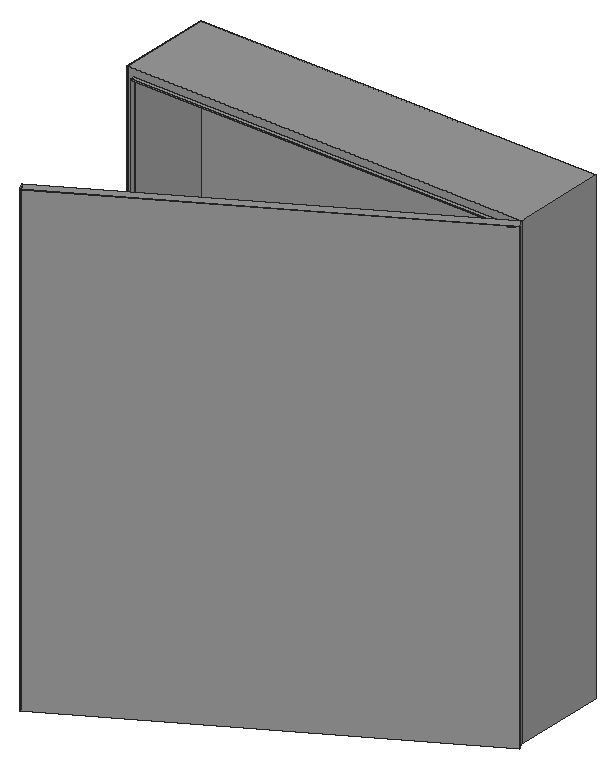
Revit family "Hager-Univers-IP44-D205-H950-Cl.II-Encl-NoHosted-CH-it", category Electrical Equipment, Revit 2020
Family settings
  Panel Configuration = Two Columns, Circuits Across
  Round Connector Dimension = Use Diameter
  Part Type = Panelboard
  Work Plane-Based = Yes
  Always vertical = Yes
  Cut with Voids When Loaded = No
  Shared = No
  Room Calculation Point = No
Parameters (values of type "A parete IP44 L800 A950 P205  - FP63QS")
  Width Control [instance] = if([EF000008 - Larghezza] > Min Width, [EF000008 - Larghezza], Min Width)  # 800 mm
  Type Comments = [HG000003 - Gamma]  # "Univers"
  Thickness Door [instance] = if([EF009171 - spessore materiale porta/coperchio] > 3 mm, 3 mm, [EF009171 - spessore materiale porta/coperchio])  # 1 mm
  Seal Frame Offset [instance] = 17 mm  # constant formula
  Plinth Visibility [instance] = [HG000027 - Altezza dello zoccolo] > 0 mm  # no
  Min Width [instance] = 100 mm  # constant formula
  Min Depth [instance] = (2 * [EF009170 - spessore materiale scatola]) + 1 mm  # 3 mm
  Min Height [instance] = 100 mm  # constant formula
  Internal Frame Depth [instance] = (Door System Depth * 0.5)  # 9 mm
  Panel Name [instance] = ""  # (empty or 0)
  Model = ""
  HG000027 - Altezza dello zoccolo = 0 mm
  HG000026 - A pavimento = no
  HG000024 - Altezza della sezione inferiore = 600 mm
  HG000023 - Custodia a doppia sezione = no
  HG000016 - Visibilità delle porte nella vista 3D [instance] = yes
  HG000015 - Visibilità attraverso la porta [instance] = no
  HG000014 - Porta destra [instance] = yes
  HG000013 - Porta sinistra [instance] = not([HG000014 - Porta destra])  # no
  HG000012 - Angolo di apertura della porta [instance] = 30.00°
  HG000010 - Porte asimmetriche = no
  HG000009 - Porta doppia a battente = no
  HG000006 - Ad incasso = no
  HG000004 - Codice produttore = "FP63QS"
  HG000003 - Gamma = "Univers"
  HG000002 - Con porta = yes
  Frame Offset Bottom [instance] = 10 mm  # constant formula
  Frame Offset [instance] = 15 mm  # constant formula
  EF015940 - Coprire con rilascio di sovrapressione = no
  EF011959 - tipo di protezione (NEMA) = ""
  EF009554 - numero delle aperture per la piastra della flangia = 6
  EF009212 - esecuzione coperchio = "EV000116 - chiuso"
  EF009171 - spessore materiale porta/coperchio = 1 mm
  EF009170 - spessore materiale scatola = 1 mm
  EF008873 - corrente nominale (In) = 250 A
  EF007800 - adatto per parafulmine = no
  EF006306 - con serratura = no
  EF006244 - coperchio/porta trasparente = no
  EF005474 - grado di protezione (IP) = "EV006418 - IP44"
  EF004464 - tipo di porta = "EV002646 - singolo"
  EF004427 - numero di moduli = 216
  EF004293 - resistenza agli urti = "EV006815 - IK09"
  EF003532 - adatto per uso esterno = no
  EF002950 - Numero moduli DIN = 36
  EF001613 - Integrità del circuito = "EV000494 - senza"
  EF001596 - Attacco Lampada = "EV000179 - acciaio"
  EF001131 - profondità interna = 143 mm
  EF001088 - possibilità di applicazione = yes
  EF000437 - numero di ingressi per conduttori = 6
  EF000339 - tipo di copertura = "EV001012 - coperchio"
  EF000266 - numero di file = 6
  EF000218 - profondità di incasso = 0 mm
  EF000118 - con piastra di montaggio = no
  EF000116 - numero RAL = "9010"
  EF000049 - profondità = 205 mm
  EF000040 - Altezza = 950 mm
  EF000008 - Larghezza = 800 mm
  EF000007 - colore = "EV000202 - bianco"
  EF000003 - Tipo di montaggio = "EV000384 - A parete"
  Door System Leaf Tolerance [instance] = 1.5 mm  # constant formula
  Door System Depth [instance] = 18 mm  # constant formula
  Door Height [instance] = Height Control - [HG000027 - Altezza dello zoccolo]  # 950 mm
  Description = ""
  Default Elevation = 1219.2 mm
  Connector Offset [instance] = Height Control / 2  # 475 mm
  Manufacturer = "Hager"  # constant formula
  Height Control [instance] = if([EF000040 - Altezza] > Min Height, [EF000040 - Altezza], Min Height)  # 950 mm
  Depth Control [instance] = if([EF000049 - profondità] > Min Depth, [EF000049 - profondità], Min Depth)  # 205 mm
  Bottom Top Plate Trim [instance] = 1.5 mm  # constant formula
  Plinth height Ctrl [instance] = if([HG000027 - Altezza dello zoccolo] > 0 mm, [HG000027 - Altezza dello zoccolo], 12 mm)  # 12 mm
Types (5, lengths in mm): name | Width Control | HG000009 - Porta doppia a battente | HG000004 - Codice produttore | EF009554 - numero delle aperture per la piastra della flangia | EF004464 - tipo di porta | EF004427 - numero di moduli | EF002950 - Numero moduli DIN | EF001131 - profondità interna | EF000437 - numero di ingressi per conduttori | EF000008 - Larghezza
  A parete IP44 L1050 A950 P205  - FP64QS | 1050 | yes | "FP64QS" | 8 | "EV003602 - doppio" | 288 | 48 | 143 | 8 | 1050
  A parete IP44 L1300 A950 P205  - FP65QS | 1300 | yes | "FP65QS" | 10 | "EV003602 - doppio" | 360 | 60 | 143 | 10 | 1300
  A parete IP44 L300 A950 P205  - FP61QS | 300 | no | "FP61QS" | 2 | "EV002646 - singolo" | 72 | 12 | 143 | 2 | 300
  A parete IP44 L550 A950 P205  - FP62QS | 550 | no | "FP62QS" | 4 | "EV002646 - singolo" | 144 | 24 | 130 | 4 | 550
  A parete IP44 L800 A950 P205  - FP63QS | 800 | no | "FP63QS" | 6 | "EV002646 - singolo" | 216 | 36 | 143 | 6 | 800
Reference planes
  plane 1 "Center (Front/Back)": y = 0
  plane 2: z = 0
  plane 3 "Center (Left/Right)": x = 0
  plane 4: y = 0
  plane 5: y = 0
  plane 6: z = 0
  plane 7: x = -400
  plane 8: x = 400
  plane 9: x = 399
  plane 10: x = -399
  plane 11: z = 0
  plane 12: z = 1
  plane 13: y = -205
  plane 14: y = -1
  plane 15: x = 0
  plane 16: y = -187
  plane 17: y = -204
  plane 18: y = -186
  plane 19: x = -384
  plane 20: x = 384
  plane 21: z = 11
  plane 22: x = -383
  plane 23: x = 383
  plane 24: z = 0
  plane 25: z = 950
  plane 26: z = 950
  plane 27: z = 934
  plane 28: z = 949
Forms (mm)
  Extrusion 1, solid, material "Hager_Steel_RAL7035_Light_Grey", detail levels medium+fine
    sketch origin (-208.679, -4572, 0) x (-1, 0, 0) y (0, -1, 0)
      loop
        line (191.321, -4385) -> (-608.679, -4385) -> (-608.679, -4572) -> (191.321, -4572) -> (191.321, -4385)
    from 0 to 950
  Extrusion 2, void
    sketch origin (-350.771, -205, 1219.2) x (1, 0, 0) y (0, 0, 1)
      loop
        line (-48.229, -270.2) -> (-48.229, -1218.2) -> (749.771, -1218.2) -> (749.771, -270.2) -> (-48.229, -270.2)
    from -19 to -204
  Extrusion 3, void
    sketch origin (-290.084, -187, 1219.2) x (1, 0, 0) y (0, 0, 1)
      loop
        line (-93.916, -1208.2) -> (674.084, -1208.2) -> (674.084, -285.2) -> (-93.916, -285.2) -> (-93.916, -1208.2)
    from 0 to -1
  Extrusion 4, solid, material "Hager_Steel_RAL7035_Light_Grey", visible <- "Plinth Visibility", detail levels medium+fine
    sketch origin (0, 0, 0) x (1, 0, 0) y (0, 1, 0)
      loop
        line (-400, 0) -> (-400, -187) -> (400, -187) -> (400, 0) -> (-400, 0)
    from 0 to 12 <- "Plinth height Ctrl"
  Extrusion 5, solid, material "Hager_Steel_RAL7035_Light_Grey", detail levels coarse
    sketch origin (0, 0, 0) x (1, 0, 0) y (0, 1, 0)
      loop
        line (-400, 0) -> (-400, -205) -> (400, -205) -> (400, 0) -> (-400, 0)
    from 0 to 950 <- "Height Control"
  Sweep 6, void
    path in 3D
      loop
        line (-400, -187, 12) -> (400, -187, 12) -> (400, 0, 12) -> (-400, 0, 12) -> (-400, -187, 12)
    profile origin (-400, -93.5, 12) x (1, 0, 0) y (0, 0, 1)
      loop
        line (0, 0) -> (0, -1.5) -> (1.5, -1.5)
        arc (1.5, -1.5) -> (1.061, -0.439) -> (0, 0) r 1.5
  Extrusion 7, solid, material "Hager_Steel_RAL7035_Light_Grey", detail levels fine
    sketch origin (-400, -187, 0) x (1, 0, 0) y (0, 0, 1)
      loop
        line (16, 11) -> (784, 11) -> (784, 934) -> (16, 934) -> (16, 11)
      loop
        line (15, 10) -> (785, 10) -> (785, 935) -> (15, 935) -> (15, 10)
    from 0 to 9 <- "Internal Frame Depth"
Cuts and joins
  Extrusion 2, Extrusion 3 cuts Extrusion 1
  Sweep 6 cuts Extrusion 4
Lines and regions (mm)
  Masking region 1
    outline origin (0, 0, 0) x (1, 0, 0) y (0, 1, 0)
      loop
        line (-400, 0) -> (-400, -205) -> (400, -205) -> (400, 0) -> (-400, 0)
  Masking region 2, detail levels coarse
    outline origin (-290.084, -187, 1219.2) x (-1, 0, 0) y (0, 0, 1)
      loop
        line (-690.084, -1219.2) -> (109.916, -1219.2) -> (109.916, -269.2) -> (-690.084, -269.2) -> (-690.084, -1219.2)
  Masking region 3, detail levels coarse
    outline origin (0, 0, 0) x (0, 1, 0) y (0, 0, 1)
      loop
        line (0, 0) -> (0, 950) -> (-205, 950) -> (-205, 0) -> (0, 0)
  Masking region 4, visible <- "Plinth Visibility", detail levels medium+fine
    outline origin (0, 0, 0) x (0, 1, 0) y (0, 0, 1)
      loop
        line (-1.5, 12) -> (-185.5, 12)
        arc (-185.5, 12) -> (-185.939, 10.939) -> (-187, 10.5) r 1.5
        line (-187, 10.5) -> (-187, 0) -> (0, 0) -> (0, 10.5)
        arc (0, 10.5) -> (-1.061, 10.939) -> (-1.5, 12) r 1.5
  Masking region 5, detail levels medium+fine
    outline origin (0, 0, 594.038) x (0, 1, 0) y (0, 0, 1)
      loop
        line (0, -594.038) -> (0, 355.962) -> (-187, 355.962) -> (-187, -594.038) -> (0, -594.038)
  Masking region 6, detail levels medium+fine
    outline origin (-359.7, -187, 1211.883) x (-1, 0, 0) y (0, 0, 1)
      loop
        line (-759.7, -1211.883) -> (40.3, -1211.883) -> (40.3, -261.883) -> (-759.7, -261.883) -> (-759.7, -1211.883)
  Masking region 7, visible <- "Plinth Visibility", detail levels medium+fine
    outline origin (-320.334, -187, 1041.368) x (-1, 0, 0) y (0, 0, 1)
      loop
        line (-720.334, -1041.368) -> (79.666, -1041.368) -> (79.666, -1030.868)
        arc (79.666, -1030.868) -> (78.606, -1030.429) -> (78.166, -1029.368) r 1.5
        line (78.166, -1029.368) -> (-718.834, -1029.368)
        arc (-718.834, -1029.368) -> (-719.273, -1030.429) -> (-720.334, -1030.868) r 1.5
        line (-720.334, -1030.868) -> (-720.334, -1041.368)
  sketch lines
    curve 1: line (-400, 0, 12) -> (-400, -187, 12)
    curve 2: line (-400, -187, 12) -> (400, -187, 12)
    curve 3: line (400, 0, 12) -> (-400, 0, 12)
    curve 4: line (400, -187, 12) -> (400, 0, 12)
Dimensions and locks
  locked: plane 1 "Center (Front/Back)" to plane 5
  "EF009170 - spessore materiale scatola": plane 7 to plane 10
  "EF009170 - spessore materiale scatola": plane 8 to plane 9
  equal spacing: plane 7, plane 3 "Center (Left/Right)", plane 8
  "Width Control": plane 7 to plane 8
  "Depth Control": plane 4 to plane 13
  "EF009170 - spessore materiale scatola": plane 4 to plane 14
  "Height Control": plane 25 to level
  "HG000027 - Altezza dello zoccolo": plane 11 to level
  "EF009170 - spessore materiale scatola": plane 12 to plane 11
  "EF009170 - spessore materiale scatola": plane 17 to plane 13
  "EF009170 - spessore materiale scatola": plane 18 to plane 16
  "Frame Offset Bottom": plane 21 to plane 12
  "Frame Offset": plane 10 to plane 19
  "Frame Offset": plane 9 to plane 20
  "Door System Depth": plane 16 to plane 13
  "Seal Frame Offset": plane 7 to plane 22
  "Seal Frame Offset": plane 8 to plane 23
  "EF009170 - spessore materiale scatola": plane 26 to plane 28
  "Frame Offset": plane 28 to plane 27
  "Connector Offset": plane 2 to connector elem
  "Bottom Top Plate Trim": profile plane to Sweep 6 sketch curve
  "Bottom Top Plate Trim": Sweep 6 sketch curve to Sweep 6 sketch curve
  "Plinth height Ctrl": Masking region 4 sketch curve to level
  "Plinth height Ctrl": Masking region 7 sketch curve to level
  "Thickness Door": Extrusion 7 sketch curve to Extrusion 7 sketch curve  (x4)
  "Bottom Top Plate Trim": radius of Sweep 6 sketch curve
  "Bottom Top Plate Trim": radius of Masking region 4 sketch curve  (x2)
  "Bottom Top Plate Trim": radius of Masking region 7 sketch curve  (x2)
  aligned and locked: Extrusion 2 sketch curve to plane 12
  aligned and locked: Extrusion 2 sketch curve to plane 9
  aligned and locked: Extrusion 2 sketch curve to plane 10
  aligned and locked: Extrusion 2 to plane 14
  aligned and locked: Extrusion 1 sketch curve to plane 4
  aligned and locked: plane 8 to Extrusion 1 sketch curve
  aligned and locked: plane 7 to Extrusion 1 sketch curve
  aligned and locked: Extrusion 2 to plane 18
  aligned and locked: Extrusion 3 sketch curve to plane 19
  aligned and locked: plane 20 to Extrusion 3 sketch curve
  aligned and locked: Extrusion 3 to Extrusion 2
  aligned and locked: Extrusion 3 sketch curve to plane 21
  aligned and locked: plane 3 "Center (Left/Right)" to nested 1
  aligned and locked: Extrusion 1 sketch curve to plane 16
  aligned and locked: Extrusion 4 sketch curve to cut or joined group of Extrusion 1, Extrusion 2, Extrusion 3
  aligned and locked: Masking region 1 sketch curve to plane 7
  aligned and locked: Masking region 1 sketch curve to plane 5
  aligned and locked: Masking region 1 sketch curve to plane 8
  aligned and locked: Masking region 2 sketch curve to level
  aligned and locked: level to Masking region 3 sketch curve
  aligned and locked: plane 1 "Center (Front/Back)" to Masking region 3 sketch curve
  aligned and locked: plane 13 to Masking region 3 sketch curve
  aligned and locked: plane 5 to Masking region 4 sketch curve
  aligned and locked: Masking region 2 sketch curve to plane 8
  aligned and locked: Masking region 2 sketch curve to plane 7
  aligned and locked: plane 7 to nested 2
  aligned and locked: nested 2 to plane 5
  aligned and locked: plane 5 to Masking region 5 sketch curve
  aligned and locked: plane 26 to Masking region 5 sketch curve
  aligned and locked: Extrusion 5 sketch curve to plane 8
  aligned and locked: Extrusion 5 sketch curve to plane 7
  aligned and locked: Extrusion 5 sketch curve to plane 5
  aligned and locked: Extrusion 3 sketch curve to plane 27
  aligned and locked: Extrusion 2 sketch curve to plane 28
  aligned and locked: Masking region 2 to plane 25
  aligned and locked: Extrusion 4 to plane 16
  aligned and locked: profile plane to Sweep 6 sketch curve
  aligned and locked: Masking region 5 sketch curve to plane 24
  aligned and locked: level to Masking region 4 sketch curve
  aligned and locked: Masking region 1 to plane 13
  aligned and locked: nested 1 to plane 16
  aligned and locked: Masking region 3 to plane 25
  aligned and locked: plane 16 to Masking region 4 sketch curve
  aligned and locked: Masking region 5 sketch curve to plane 16
  aligned and locked: plane 24 to plane 11
  aligned and locked: plane 26 to plane 25
  aligned and locked: plane 26 to cut or joined group of Extrusion 1, Extrusion 2, Extrusion 3
  aligned and locked: nested 1 to plane 24
  aligned and locked: Extrusion 1 to Extrusion 3
  aligned and locked: Masking region 6 sketch curve to plane 8
  aligned and locked: Masking region 6 sketch curve to plane 24
  aligned and locked: Masking region 6 sketch curve to plane 7
  aligned and locked: Masking region 6 sketch curve to plane 26
  aligned and locked: Masking region 7 sketch curve to plane 7
  aligned and locked: level to Masking region 7 sketch curve
  aligned and locked: Masking region 7 sketch curve to plane 8
  aligned and locked: Extrusion 7 sketch curve to cut or joined group of Extrusion 1, Extrusion 2, Extrusion 3  (x4)
Automatic sketch dimensions
  plane 19 to Extrusion 3 sketch curve = 0 mm
  Extrusion 3 sketch curve to plane 20 = 0 mm
  Extrusion 3 sketch curve to plane 21 = 0 mm
  Extrusion 4 sketch curve to plane 7 = 0 mm
  Extrusion 4 sketch curve to plane 8 = 0 mm
  Extrusion 4 sketch curve to plane 16 = 0 mm
  Masking region 1 sketch curve to plane 13 = 0 mm
  Masking region 2 sketch curve to plane 25 = 0 mm
  Masking region 3 sketch curve to plane 25 = 0 mm
  Extrusion 5 sketch curve to plane 13 = 0 mm
  profile plane to Sweep 6 sketch curve = 0 mm
Nested families
  nested 1: "EC000058_Univers_Door" at (0, -187, 0), Double <- "HG000009 - Porta doppia a battente", Transparent <- "EF006244 - coperchio/porta trasparente", Angle <- "HG000012 - Angolo di apertura della porta", Door_Right <- "HG000014 - Porta destra", Assymetrical <- "HG000010 - Porte asimmetriche", Door <- "HG000002 - Con porta", Width_Ctrl <- "Width Control", 3d_Door <- "HG000016 - Visibilità delle porte nella vista 3D", Clearance <- "HG000015 - Visibilità attraverso la porta", Door_Left <- "HG000013 - Porta sinistra", Width <- "Width Control", Door_Depth <- "Door System Depth", Leaf_Tolerance <- "Door System Leaf Tolerance", Height <- "Door Height", Lock_Visibility <- "EF006306 - con serratura", Thickness <- "Thickness Door", type "EC000058_Univers_Door", detail levels medium+fine
    with min_wh 3 mm, Width_Ctrl 800 mm, Width 800 mm, Transparent no, Thickness 1 mm, Seal_Material Hager_Rubber, Lock_Visibility no, Lock_Material Hager_Plastic_RAL9005_Jet_Black, Leaf_Width 800 mm, Leaf_Tolerance_External_Sides 0 mm, Leaf_Tolerance 1.5 mm, Leaf_Offset 0 mm, Leaf_Height 947 mm, Leaf_2_Width 800 mm, Leaf_2_Offset 400 mm, Leaf_1_Width 800 mm, Leaf_1_Offset 400 mm, Height_Ctrl 950 mm, Height 950 mm, Glass_Material Hager_Glass, Double_Clearance_Ctrl no, Double no, Door_Right_Ctrl yes, Door_Right yes, Door_Material Hager_Steel_RAL7035_Light_Grey, Door_Left_Ctrl no, Door_Left no, Door_Depth 18 mm, Door yes, Clearance_Material Hager_Clearance, Clearance_Depth 800 mm, Clearance_Ctrl no, Clearance no, Assymetrical no, Angle 30.00°, 3d_Door yes
  nested 2: "Hager_Enclosure_Symbol" at (-400, 0, 0), Height <- "Depth Control", Width <- "Width Control", type "Hager_Enclosure_Symbol"
    with Width_Ctrl 800 mm, Width 800 mm, Height_Ctrl 205 mm, Height 205 mm, A_Width_Int 13.453 mm, A_Width 161.438 mm, A_Height_Ctrl 179.375 mm, A_Height 179.375 mm
Connectors
  electrical at (0, 0, 475)
    settings: on plane 1 "Center (Front/Back)", index 1, voltage 0 V, apparent load 0 VA, apparent load phase1 0 VA, apparent load phase2 0 VA, apparent load phase3 0 VA, power factor 1, load classification "Other", number of poles 1, system type 30, power factor state 1, is connector primary yes, connector utility no, sub classification motor no, connector description ""
Definition of nested family "EC000058_Univers_Door"
  Parameters (values of type "EC000058_Univers_Door")
    min_wh [instance] = (2 * Thickness) + 1 mm  # 11 mm
    Width_Ctrl [instance] = 400 mm
    Width [instance] = 500 mm
    Transparent [instance] = yes
    Thickness [instance] = 5 mm
    Seal_Material [instance] = none
    Lock_Visibility [instance] = yes
    Lock_Material [instance] = none
    Leaf_Width [instance] = if((Width_Ctrl - 2 * Leaf_Tolerance_External_Sides) > 0 mm, (Width_Ctrl - 2 * Leaf_Tolerance_External_Sides), min_wh)  # 400 mm
    Leaf_Tolerance_External_Sides [instance] = 0 mm  # constant formula
    Leaf_Tolerance [instance] = 1.5 mm
    Leaf_Offset [instance] = 0 mm  # constant formula
    Leaf_Height [instance] = if((Height_Ctrl - 2 * Leaf_Tolerance) > 0 mm, (Height_Ctrl - 2 * Leaf_Tolerance), min_wh)  # 497 mm
    Leaf_2_Width [instance] = if(and(and(Double, Assymetrical), Door_Left), (Leaf_Width / 3) - (Leaf_Tolerance / 2), if(and(and(Double, Assymetrical), Door_Right), (Leaf_Width / 3) * 2 - (Leaf_Tolerance / 2), if(and(Double, not(Assymetrical)), (Leaf_Width / 2) - Leaf_Tolerance, Leaf_Width)))  # 400 mm
    Leaf_2_Offset [instance] = if(and(Double, Assymetrical), Leaf_2_Width / 2, if(and(Double, not(Assymetrical)), Leaf_Width / 4, Leaf_Width / 2))  # 200 mm
    Leaf_1_Width [instance] = if(and(and(Double, Assymetrical), Door_Right), (Leaf_Width / 3) - (Leaf_Tolerance / 2), if(and(and(Double, Assymetrical), Door_Left), (Width / 3) * 2 - (Leaf_Tolerance / 2), if(and(Double, not(Assymetrical)), (Leaf_Width / 2) - Leaf_Tolerance, Leaf_Width)))  # 400 mm
    Leaf_1_Offset [instance] = if(and(Double, Assymetrical), Leaf_1_Width / 2, if(and(Double, not(Assymetrical)), Leaf_Width / 4, Leaf_Width / 2))  # 200 mm
    Height_Ctrl [instance] = if(Height > min_wh, Height, min_wh)  # 500 mm
    Height [instance] = 500 mm
    Glass_Material [instance] = none
    Double_Clearance_Ctrl [instance] = and(Double, Clearance)  # no
    Double [instance] = no
    Door_Right_Ctrl [instance] = and(or(Door_Right, Double), Door)  # yes
    Door_Right [instance] = yes
    Door_Material [instance] = none
    Door_Left_Ctrl [instance] = and(or(Door_Left, Double), Door)  # no
    Door_Left [instance] = no
    Door_Depth [instance] = 30 mm
    Door [instance] = yes
    Default Elevation = 1219.2 mm
    Clearance_Material [instance] = none
    Clearance_Depth [instance] = if(Leaf_1_Width > Leaf_2_Width, Leaf_1_Width, Leaf_2_Width)  # 400 mm
    Clearance_Ctrl [instance] = and(not(Double), Clearance)  # yes
    Clearance [instance] = yes
    Assymetrical [instance] = yes
    Angle [instance] = 30.00°
    3d_Door [instance] = yes
  Reference planes
    plane 1 "Center (Front/Back)": y = 0
    plane 2 "Bottom": z = 0
    plane 3 "Center (Left/Right)": x = 0
    plane 4: z = 500
    plane 5: x = -200
    plane 6: x = 200
    plane 7: z = 500
    plane 8: x = -200
    plane 9: z = 0
    plane 10: x = 200
    plane 11: y = 0
    plane 12: z = 1.5
    plane 13: x = -600
    plane 14: y = -400
    plane 15: x = 600
    plane 16: x = 0
    plane 17: x = 0
    plane 18: x = -200
    plane 19: x = 200
    plane 20: z = 498.5
  Forms (mm)
    Extrusion 1, solid, material <- "Clearance_Material", visible <- "Double_Clearance_Ctrl"
      sketch origin (1200, 0, 0) x (1, 0, 0) y (0, 0, -1)
        loop
          line (-1800, -498.5) -> (-600, -498.5) -> (-600, 0) -> (-1800, 0) -> (-1800, -498.5)
      from 0 to -400
  Dimensions and locks
    equal spacing: plane 5, plane 3 "Center (Left/Right)", plane 6
    "Width_Ctrl": plane 5 to plane 6
    "Leaf_Offset": plane 5 to plane 8
    "Leaf_Offset": plane 6 to plane 10
    "Leaf_Offset": plane 9 to level
    "Leaf_Offset": plane 4 to plane 7
    "Height_Ctrl": plane 4 to level
    "Leaf_Tolerance": plane 12 to plane 9
    locked: plane 11 to plane 1 "Center (Front/Back)"
    "Leaf_1_Offset": plane 18 to plane 16
    "Leaf_2_Offset": plane 17 to plane 19
    "Leaf_1_Width": plane 13 to plane 8
    "Leaf_2_Width": plane 10 to plane 15
    "Clearance_Depth": plane 14 to plane 1 "Center (Front/Back)"
    "Leaf_Tolerance_External_Sides": plane 8 to plane 18
    "Leaf_Tolerance_External_Sides": plane 19 to plane 10
    "Leaf_Tolerance": plane 7 to plane 20
    aligned and locked: level to plane 2 "Bottom"
    aligned and locked: nested 1 to plane 16
    aligned and locked: nested 2 to plane 17
    aligned and locked: Extrusion 1 to plane 13
    aligned and locked: plane 15 to Extrusion 1
    aligned and locked: Extrusion 1 to plane 14
    aligned and locked: plane 12 to nested 1
    aligned and locked: nested 2 to plane 12
    aligned and locked: Extrusion 1 to plane 11
    aligned and locked: plane 20 to Extrusion 1
    aligned and locked: nested 2 to plane 11
    aligned and locked: nested 1 to plane 11
  Automatic sketch dimensions
    Extrusion 1 sketch curve to level = 0 mm
    plane 5 to Extrusion 1 sketch curve = 400 mm
    plane 6 to Extrusion 1 sketch curve = 400 mm
    Extrusion 1 sketch curve to plane 4 = 1.5 mm
  Nested families
    nested 1: "EC000058_Univers_Door_Leaf" at (0, 0, 1.5), Width <- "Leaf_1_Width", visible <- "Door_Left_Ctrl", Leaf_Height <- "Leaf_Height", Angle <- "Angle", 3d_Door <- "3d_Door", Transparent <- "Transparent", Clearance Material <- "Clearance_Material", Clearance <- "Clearance_Ctrl", Door_Material <- "Door_Material", Glass_Material <- "Glass_Material", Door_Depth <- "Door_Depth", Lock_Material <- "Lock_Material", Seal_Material <- "Seal_Material", Lock_Visibility <- "Lock_Visibility", Thickness <- "Thickness", type "EC000058_Univers_Door_Leaf"
      with Width 400 mm, Transparent_Glass_Offset 30 mm, Transparent_Ctrl yes, Transparent yes, Thickness 5 mm, Standard no, Seal_Material none, Seal_D2 8 mm, Seal_D1 1 mm, Offset_Internal_Frame 10 mm, Lock_Width 20 mm, Lock_Visibility_3d yes, Lock_Visibility yes, Lock_Thickness_3 3 mm, Lock_Thickness_2 1 mm, Lock_Thickness_1 3 mm, Lock_Radius_Offset_2 16 mm, Lock_Radius_Offset_1 15 mm, Lock_Radius_2 5 mm, Lock_Radius 6 mm, Lock_Offset 5 mm, Lock_Material none, Lock_Height 80 mm, Lock_Cover_Top_Offset_2d 17 mm, Lock_Cover_Height -65 mm, Leaf_Height 497 mm, Internal_Seal_Thickness 8 mm, Internal_Seal_Depth_2 4.5 mm, Internal_Frame_Depth 25 mm, Glass_Thickness -1 mm, Glass_Offset -2 mm, Glass_Material none, Door_Material none, Door_Depth 30 mm, Clearance Material none, Clearance yes, Angle_Ctrl 30.00°, Angle 30.00°, 3d_Door yes
    nested 2: "EC000058_Univers_Door_Leaf" at (0, 0, 1.5) x (-1, 0, 0) z (0, 0, 1), Width <- "Leaf_2_Width", visible <- "Door_Right_Ctrl", Leaf_Height <- "Leaf_Height", Angle <- "Angle", 3d_Door <- "3d_Door", Transparent <- "Transparent", Clearance Material <- "Clearance_Material", Clearance <- "Clearance_Ctrl", Door_Material <- "Door_Material", Glass_Material <- "Glass_Material", Door_Depth <- "Door_Depth", Lock_Material <- "Lock_Material", Seal_Material <- "Seal_Material", Lock_Visibility <- "Lock_Visibility", Thickness <- "Thickness", type "EC000058_Univers_Door_Leaf"
      with Width 400 mm, Transparent_Glass_Offset 30 mm, Transparent_Ctrl yes, Transparent yes, Thickness 5 mm, Standard no, Seal_Material none, Seal_D2 8 mm, Seal_D1 1 mm, Offset_Internal_Frame 10 mm, Lock_Width 20 mm, Lock_Visibility_3d yes, Lock_Visibility yes, Lock_Thickness_3 3 mm, Lock_Thickness_2 1 mm, Lock_Thickness_1 3 mm, Lock_Radius_Offset_2 16 mm, Lock_Radius_Offset_1 15 mm, Lock_Radius_2 5 mm, Lock_Radius 6 mm, Lock_Offset 5 mm, Lock_Material none, Lock_Height 80 mm, Lock_Cover_Top_Offset_2d 17 mm, Lock_Cover_Height -65 mm, Leaf_Height 497 mm, Internal_Seal_Thickness 8 mm, Internal_Seal_Depth_2 4.5 mm, Internal_Frame_Depth 25 mm, Glass_Thickness -1 mm, Glass_Offset -2 mm, Glass_Material none, Door_Material none, Door_Depth 30 mm, Clearance Material none, Clearance yes, Angle_Ctrl 30.00°, Angle 30.00°, 3d_Door yes
  Definition of nested family "EC000058_Univers_Door_Leaf"
    Parameters (values of type "EC000058_Univers_Door_Leaf")
      Width [instance] = 2000 mm
      Transparent_Glass_Offset [instance] = 30 mm
      Transparent_Ctrl [instance] = and(Transparent, [3d_Door])  # yes
      Transparent [instance] = yes
      Thickness [instance] = 5 mm
      Standard [instance] = and(not(Transparent), [3d_Door])  # no
      Seal_Material [instance] = none
      Seal_D2 [instance] = 8 mm  # constant formula
      Seal_D1 [instance] = 1 mm  # constant formula
      Offset_Internal_Frame [instance] = 10 mm  # constant formula
      Lock_Width [instance] = 20 mm  # constant formula
      Lock_Visibility_3d [instance] = and(Lock_Visibility, [3d_Door])  # yes
      Lock_Visibility [instance] = yes
      Lock_Thickness_3 [instance] = 3 mm  # constant formula
      Lock_Thickness_2 [instance] = 1 mm  # constant formula
      Lock_Thickness_1 [instance] = 3 mm  # constant formula
      Lock_Radius_Offset_2 [instance] = Lock_Radius_Offset_1 + 1 mm  # 16 mm
      Lock_Radius_Offset_1 [instance] = 15 mm  # constant formula
      Lock_Radius_2 [instance] = Lock_Radius - 1 mm  # 5 mm
      Lock_Radius [instance] = 6 mm  # constant formula
      Lock_Offset [instance] = 5 mm  # constant formula
      Lock_Material [instance] = none
      Lock_Height [instance] = 80 mm  # constant formula
      Lock_Cover_Top_Offset_2d [instance] = Lock_Radius_Offset_2 + 1 mm  # 17 mm
      Lock_Cover_Height [instance] = -(Lock_Height - Lock_Radius_Offset_1)  # -65 mm
      Leaf_Height [instance] = 2720.336 mm
      Internal_Seal_Thickness [instance] = 8 mm  # constant formula
      Internal_Seal_Depth_2 [instance] = 4.5 mm  # constant formula
      Internal_Frame_Depth [instance] = if(Door_Depth - Thickness > 5 mm, Door_Depth - Thickness, 5 mm)  # 25 mm
      Glass_Thickness [instance] = if(Thickness > 15 mm, Glass_Offset + 10 mm, -1 mm)  # -1 mm
      Glass_Offset [instance] = if(Thickness > 15 mm, -(Thickness + 10 mm) / 2, -2 mm)  # -2 mm
      Glass_Material [instance] = none
      Door_Material [instance] = none
      Door_Depth [instance] = 30 mm
      Default Elevation = 0 mm
      Clearance Material [instance] = none
      Clearance [instance] = yes
      Angle_Ctrl [instance] = if(Angle > 180.00°, 180.00°, Angle)  # 90.00°
      Angle [instance] = 90.00°
      3d_Door [instance] = yes
    Reference planes
      plane 1 "Center (Front/Back)": y = 0
      plane 2: z = 0
      plane 3 "Center (Left/Right)": x = 0
      plane 4: y = 2000
      plane 5: x = -1000
      plane 6: x = 1000
      plane 7: x = -3000
      plane 8: z = 2720.336
      plane 9: z = 30
      plane 10: z = 2690.336
      plane 11: x = 970
      plane 12: x = -970
      plane 13: y = -3
      plane 14: z = 107.833
      plane 15: y = -5
      plane 16: y = -223.314
      plane 17: x = -1000
      plane 18: z = 1360.168
      plane 19: y = 30
    Forms (mm)
      Extrusion 1, solid, material <- "Clearance Material", visible <- "Clearance"
        sketch origin (0, 0, 0) x (1, 0, 0) y (0, 0, 1)
          loop
            line (-3000, 2720.336) -> (-3000, 0) -> (1000, 0) -> (1000, 2720.336) -> (-3000, 2720.336)
        from 0 to -2000
      Extrusion 2, solid, material <- "Door_Material", visible <- "Standard", detail levels medium+fine
        sketch origin (-1000, 0, 0) x (0, 1, 0) y (-1, 0, 0)
          loop
            line (0, 30) -> (0, 25) -> (2000, 25) -> (2000, 30) -> (0, 30)
        from 0 to 2720.336 <- "Leaf_Height"
      Extrusion 3, solid, material <- "Door_Material", visible <- "Transparent_Ctrl", detail levels medium+fine
        sketch origin (-1000, 0, 0) x (0, 1, 0) y (-1, 0, 0)
          loop
            line (0, 25) -> (2000, 25) -> (2000, 30) -> (0, 30) -> (0, 25)
        from 0 to 2720.336 <- "Leaf_Height"
      Extrusion 4, void
        sketch origin (-1025, 2000, 0) x (0, 1, 0) y (0, 0, -1)
          loop
            line (-30, -2690.336) -> (-30, -30) -> (-1970, -30) -> (-1970, -2690.336) -> (-30, -2690.336)
        from 0 to 5 <- "Thickness"
      Sweep 5, solid, material <- "Seal_Material", visible <- "Transparent_Ctrl", detail levels fine
        path in 3D
          loop
            line (-1025, 30, 30) -> (-1025, 30, 2690.336) -> (-1025, 1970, 2690.336) -> (-1025, 1970, 30) -> (-1025, 30, 30)
        profile origin (-1025, 1000, 30) x (1, 0, 0) y (0, 0, 1)
          loop
            line (0, 0) -> (0, -8) -> (1, -8) -> (1, 0) -> (0, 0)
      Extrusion 6, solid, material <- "Glass_Material", visible <- "Transparent_Ctrl", detail levels medium+fine
        sketch origin (-1030, 0, 0) x (0, 1, 0) y (0, 0, -1)
          loop
            line (1970, -2690.336) -> (1970, -30) -> (30, -30) -> (30, -2690.336) -> (1970, -2690.336)
        from -2 <- "Glass_Offset" to -1 <- "Glass_Thickness"
      Extrusion 7, solid, material <- "Door_Material", visible <- "3d_Door", detail levels medium+fine
        sketch origin (-1025, 2000, 0) x (0, -1, 0) y (0, 0, -1)
          loop
            line (0, -2720.336) -> (2000, -2720.336) -> (2000, 0) -> (0, 0) -> (0, -2720.336)
          loop
            line (1995, -5) -> (5, -5) -> (5, -2715.336) -> (1995, -2715.336) -> (1995, -5)
        from 0 to 25 <- "Internal_Frame_Depth"
      Sweep 8, solid, material <- "Seal_Material", visible <- "Transparent_Ctrl", detail levels fine
        path in 3D
          loop
            line (-1025, 0, 0) -> (-1025, 2000, 0) -> (-1025, 2000, 2720.336) -> (-1025, 0, 2720.336) -> (-1025, 0, 0)
        profile origin (-1025, 0, 1360.168) x (1, 0, 0) y (0, 1, 0)
          loop
            line (0, 10) -> (2.975, 10)
            arc (2.975, 10) -> (4.053, 10.447) -> (4.5, 11.525) r 1.525
            line (4.5, 11.525) -> (4.5, 16.527)
            arc (4.5, 16.527) -> (4.069, 17.569) -> (3.027, 18) r 1.473
            line (3.027, 18) -> (0, 18) -> (0, 10)
      Extrusion 9, solid, material <- "Lock_Material", visible <- "Lock_Visibility_3d", detail levels fine
        sketch origin (-1030, 0, 0) x (0, 1, 0) y (0, 0, -1)
          loop
            arc (1993.5, -1400.168) -> (1994.561, -1399.729) -> (1995, -1398.668) r 1.5
            line (1995, -1398.668) -> (1995, -1320.168) -> (1975, -1320.168) -> (1975, -1398.668)
            arc (1975, -1398.668) -> (1975.439, -1399.729) -> (1976.5, -1400.168) r 1.5
            line (1976.5, -1400.168) -> (1993.5, -1400.168)
        from 3 <- "Lock_Thickness_1" to 0
      Blend 10, solid, material <- "Lock_Material", visible <- "Lock_Visibility_3d", detail levels fine
        base sketch origin (-1033, 0, 0) x (0, 1, 0) y (0, 0, -1)
          loop
            line (1975, -1320.168) -> (1975, -1398.668)
            arc (1975, -1398.668) -> (1975.439, -1399.729) -> (1976.5, -1400.168) r 1.5
            line (1976.5, -1400.168) -> (1993.5, -1400.168)
            arc (1993.5, -1400.168) -> (1994.561, -1399.729) -> (1995, -1398.668) r 1.5
            line (1995, -1398.668) -> (1995, -1320.168) -> (1975, -1320.168)
        top sketch origin (-1033, 0, 0) x (0, 1, 0) y (0, 0, -1)
          loop
            line (1976, -1320.168) -> (1976, -1398.668)
            arc (1976, -1398.668) -> (1976.146, -1399.022) -> (1976.5, -1399.168) r 0.5
            line (1976.5, -1399.168) -> (1993.5, -1399.168)
            arc (1993.5, -1399.168) -> (1993.854, -1399.022) -> (1994, -1398.668) r 0.5
            line (1994, -1398.668) -> (1994, -1320.168) -> (1976, -1320.168)
        from 0 to 1 <- "Lock_Thickness_2"
      Blend 11, solid, material <- "Lock_Material", visible <- "Lock_Visibility_3d", detail levels fine
        base sketch origin (-1034, 0, 0) x (0, 1, 0) y (0, 0, -1)
          loop
            line (1978, -1320.168) -> (1978, -1384.168)
            arc (1978, -1384.168) -> (1985, -1391.168) -> (1992, -1384.168) r 7
            line (1992, -1384.168) -> (1992, -1320.168) -> (1978, -1320.168)
        top sketch origin (-1034, 0, 0) x (0, 1, 0) y (0, 0, -1)
          loop
            line (1991, -1320.168) -> (1979, -1320.168) -> (1979, -1383.168)
            arc (1979, -1383.168) -> (1985, -1389.168) -> (1991, -1383.168) r 6
            line (1991, -1383.168) -> (1991, -1320.168)
        from 0 to 3 <- "Lock_Thickness_3"
      Extrusion 12, solid, material <- "Lock_Material", visible <- "Lock_Visibility_3d", detail levels fine
        sketch origin (-1030, 1975, 1320.168) x (1, 0, 0) y (0, -1, 0)
          loop
            line (-7, -19) -> (-7, -1) -> (0, -1) -> (0, 0) -> (-8, 0) -> (-8, -20) -> (0, -20) -> (0, -19) -> (-7, -19)
        from 0 to -65 <- "Lock_Cover_Height"
      Extrusion 13, void
        sketch origin (-1038, 1995, 1320.168) x (-1, 0, 0) y (0, 0, -1)
          loop
            line (-5, -65) -> (0, -65) -> (-5, -60) -> (-5, -65)
        from 0 to 20 <- "Lock_Width"
      Extrusion 14, void
        sketch origin (-1038, 1975, 1320.168) x (0, -1, 0) y (0, 0, -1)
          loop
            circle (-10, -15.995) r 6
          loop
            circle (-10, -15.995) r 5
        from 0 to 2
      Extrusion 15, solid, material <- "Lock_Material", visible <- "Lock_Visibility_3d", detail levels medium
        sketch origin (-1030, 0, 0) x (0, 1, 0) y (0, 0, -1)
          loop
            arc (1993.5, -1400.168) -> (1994.561, -1399.729) -> (1995, -1398.668) r 1.5
            line (1995, -1398.668) -> (1995, -1320.168) -> (1975, -1320.168) -> (1975, -1398.668)
            arc (1975, -1398.668) -> (1975.439, -1399.729) -> (1976.5, -1400.168) r 1.5
            line (1976.5, -1400.168) -> (1993.5, -1400.168)
        from 8 to 0
    Cuts and joins
      Extrusion 4 cuts Extrusion 3
      Extrusion 13, Extrusion 14 cuts Extrusion 9
      Extrusion 14 cuts Blend 11
      Extrusion 13, Extrusion 14 cuts Extrusion 12
      joined: Extrusion 9, Blend 10, Blend 11, Extrusion 12
      Extrusion 14 cuts Extrusion 15
    Lines and regions (mm)
      Masking region 1, visible <- "Lock_Visibility", detail levels fine
        outline origin (0, 0, 0) x (0, 1, 0) y (0, 0, 1)
          loop
            line (30, 1320.168) -> (33, 1320.168) -> (33, 1400.168) -> (30, 1400.168) -> (30, 1320.168)
      Masking region 2, visible <- "Lock_Visibility", detail levels fine
        outline origin (0, 3.143, 0) x (0, 1, 0) y (0, 0, 1)
          loop
            line (29.857, 1354.168) -> (30.857, 1354.168) -> (30.857, 1366.168) -> (29.857, 1366.168) -> (29.857, 1354.168)
      Masking region 3, detail levels medium+fine
        outline origin (0, 0, 0) x (0, 1, 0) y (0, 0, 1)
          loop
            line (0, 0) -> (30, 0) -> (30, 2720.336) -> (0, 2720.336) -> (0, 0)
      Masking region 4, detail levels medium+fine
        outline origin (0, 0, 0) x (1, 0, 0) y (0, 0, 1)
          loop
            line (-1000, 2720.336) -> (-1000, 0) -> (1000, 0) -> (1000, 2720.336) -> (-1000, 2720.336)
      Masking region 5, visible <- "Lock_Visibility", detail levels fine
        outline origin (-47.116, 0, 0) x (1, 0, 0) y (0, 0, 1)
          loop
            arc (1024.616, 1399.168) -> (1023.556, 1398.729) -> (1023.116, 1397.668) r 1.5
            line (1023.116, 1397.668) -> (1023.116, 1320.168) -> (1041.116, 1320.168) -> (1041.116, 1397.668)
            arc (1041.116, 1397.668) -> (1040.677, 1398.729) -> (1039.616, 1399.168) r 1.5
            line (1039.616, 1399.168) -> (1024.616, 1399.168)
      Masking region 6, visible <- "Lock_Visibility", detail levels medium+fine
        outline origin (-25, 0, 0) x (1, 0, 0) y (0, 0, 1)
          loop
            arc (1001.5, 1400.168) -> (1000.439, 1399.729) -> (1000, 1398.668) r 1.5
            line (1000, 1398.668) -> (1000, 1320.168) -> (1020, 1320.168) -> (1020, 1398.668)
            arc (1020, 1398.668) -> (1019.561, 1399.729) -> (1018.5, 1400.168) r 1.5
            line (1018.5, 1400.168) -> (1001.5, 1400.168)
      Masking region 7, visible <- "Lock_Visibility", detail levels fine
        outline origin (-73.735, 0, 0) x (1, 0, 0) y (0, 0, 1)
          loop
            line (1051.735, 1382.168) -> (1065.735, 1382.168) -> (1065.735, 1384.168)
            arc (1065.735, 1384.168) -> (1058.735, 1391.168) -> (1051.735, 1384.168) r 7
            line (1051.735, 1384.168) -> (1051.735, 1382.168)
      Masking region 8, visible <- "Lock_Visibility", detail levels fine
        outline origin (-73.735, 0, 0) x (1, 0, 0) y (0, 0, 1)
          loop
            line (1052.735, 1382.168) -> (1064.735, 1382.168) -> (1064.735, 1383.168)
            arc (1064.735, 1383.168) -> (1058.735, 1389.168) -> (1052.735, 1383.168) r 6
            line (1052.735, 1383.168) -> (1052.735, 1382.168)
      Masking region 9, visible <- "Lock_Visibility", detail levels fine
        outline origin (-25, 0, 0) x (1, 0, 0) y (0, 0, 1)
          loop
            line (1020, 1320.168) -> (1020, 1382.168) -> (1000, 1382.168) -> (1000, 1320.168) -> (1020, 1320.168)
      Masking region 10, detail levels medium+fine
        outline origin (0, 0, 0) x (1, 0, 0) y (0, 0, 1)
          loop
            circle (985, 1335.144) r 6
      Masking region 11, detail levels fine
        outline origin (0, 0, 0) x (1, 0, 0) y (0, 0, 1)
          loop
            circle (985, 1335.144) r 5
      Masking region 12, visible <- "Lock_Visibility", detail levels fine
        outline origin (0, 12.767, 0) x (0, 1, 0) y (0, 0, 1)
          loop
            line (20.233, 1320.168) -> (21.233, 1320.168) -> (21.233, 1399.168) -> (20.233, 1400.168) -> (20.233, 1320.168)
      Masking region 13, visible <- "Lock_Visibility", detail levels fine
        outline origin (0, 13.767, -10) x (0, 1, 0) y (0, 0, 1)
          loop
            line (20.233, 1330.168) -> (23.233, 1330.168) -> (23.233, 1399.168) -> (20.233, 1402.168) -> (20.233, 1330.168)
      Masking region 14, visible <- "Lock_Visibility", detail levels fine
        outline origin (0, 12.767, -10) x (0, 1, 0) y (0, 0, 1)
          loop
            line (20.233, 1330.168) -> (25.233, 1330.168) -> (25.233, 1399.305) -> (20.233, 1394.305) -> (20.233, 1330.168)
      Masking region 15, visible <- "Lock_Visibility", detail levels medium
        outline origin (0, 0, 0) x (0, 1, 0) y (0, 0, 1)
          loop
            line (30, 1320.168) -> (38, 1320.168) -> (38, 1400.168) -> (30, 1400.168) -> (30, 1320.168)
      Masking region 16, visible <- "Lock_Visibility", detail levels fine
        outline origin (-1000, 0, 0) x (0, 1, 0) y (-1, 0, 0)
          loop
            line (1975, 30) -> (1995, 30) -> (1995, 38) -> (1975, 38) -> (1975, 30)
          loop
            line (1979, 37) -> (1976, 37) -> (1976, 34) -> (1978, 34) -> (1979, 37)
          loop
            line (1994, 37) -> (1991, 37) -> (1992, 34) -> (1994, 34) -> (1994, 37)
      Masking region 17, visible <- "Lock_Visibility", detail levels medium
        outline origin (-1000, 0, 0) x (0, 1, 0) y (-1, 0, 0)
          loop
            line (1975, 30) -> (1995, 30) -> (1995, 38) -> (1975, 38) -> (1975, 30)
      symbolic lines
        curve 1: line (1000, 0, 0) -> (-3000, 0, 0)
        curve 2: arc (1000, 0, 0) -> (-1000, 2000, 0) -> (-3000, 0, 0) r 2000
        curve 4: line (-1030, 0, 0) -> (-1030, 2000, 0)
      reference lines
        curve 3: line (-1000, 0, 0) -> (-1000, 2000, 0)
      symbolic lines, detail levels medium+fine
        curve 5: line (-1030, 2000, 0) -> (-1025, 2000, 0)
        curve 7: line (-1025, 0, 0) -> (-1030, 0, 0)
        curve 8: line (-1025, 0, 0) -> (-1000, 0, 0)
        curve 9: line (-1000, 0, 0) -> (-1000, 2000, 0)
        curve 10: line (-1000, 2000, 0) -> (-1025, 2000, 0)
      symbolic lines, detail levels fine
        curve 6: line (-1025, 2000, 0) -> (-1025, 0, 0)
      sketch lines
        curve 11: line (-1025, 0, 2720.336) -> (-1025, 0, 0)
        curve 12: line (-1025, 2000, 0) -> (-1025, 0, 0)
        curve 13: line (-1025, 2000, 2720.336) -> (-1025, 2000, 0)
        curve 14: line (-1025, 0, 2720.336) -> (-1025, 2000, 2720.336)
        curve 15: line (-1025, 1970, 30) -> (-1025, 30, 30)
        curve 16: line (-1025, 30, 30) -> (-1025, 30, 2690.336)
        curve 17: line (-1025, 1970, 2690.336) -> (-1025, 1970, 30)
        curve 18: line (-1025, 30, 2690.336) -> (-1025, 1970, 2690.336)
      symbolic lines, visible <- "Transparent", detail levels medium+fine
        curve 19: line (-970, 0, 2690.336) -> (970, 0, 2690.336)
        curve 20: line (-970, 0, 30) -> (-970, 0, 2690.336)
        curve 21: line (970, 0, 30) -> (-970, 0, 30)
        curve 22: line (970, 0, 2690.336) -> (970, 0, 30)
    Dimensions and locks
      "Width": plane 1 "Center (Front/Back)" to plane 4
      equal spacing: plane 5, plane 3 "Center (Left/Right)", plane 6
      "Width": plane 5 to plane 6
      "Width": plane 7 to plane 5
      "Leaf_Height": plane 8 to level
      "Width": curve 5 to curve 3
      "Width": curve 3 to curve 3
      plane 8 to plane 10 = 30 mm
      plane 9 to level = 30 mm
      plane 12 to plane 5 = 30 mm
      plane 6 to plane 11 = 30 mm
      Extrusion 1 to Extrusion 4 sketch curve = 30 mm
      "Transparent_Glass_Offset": curve 3 to Extrusion 4 sketch curve
      "Transparent_Glass_Offset": Extrusion 4 sketch curve to cut or joined group of Extrusion 3, Extrusion 4  (x2)
      cut or joined group of Extrusion 3, Extrusion 4 to Extrusion 6 sketch curve = 30 mm
      "Transparent_Glass_Offset": cut or joined group of Extrusion 3, Extrusion 4 to Extrusion 4 sketch curve
      "Thickness": curve 6 to curve 4
      "Thickness": Extrusion 7 sketch curve to Extrusion 7 sketch curve  (x4)
      "Door_Depth": curve 4 to curve 3
      "Offset_Internal_Frame": profile plane to Sweep 8 sketch curve
      "Internal_Seal_Thickness": Sweep 8 sketch curve to Sweep 8 sketch curve
      "Internal_Seal_Depth_2": profile plane to Sweep 8 sketch curve
      "Seal_D1": profile plane to Sweep 5 sketch curve
      "Seal_D2": profile plane to Sweep 5 sketch curve
      "Thickness": Extrusion 2 sketch curve to Extrusion 2 sketch curve
      equal spacing: Extrusion 9 sketch curve, plane 18, Extrusion 9 sketch curve  (x2)
      equal spacing: Masking region 1 sketch curve, plane 18, Masking region 1 sketch curve
      "Lock_Height": Masking region 1 sketch curve to Masking region 1 sketch curve
      "Lock_Radius": Masking region 2 sketch curve to plane 18 to Masking region 2 sketch curve
      Masking region 2 sketch curve to Masking region 1 = 1 mm
      "Door_Depth": plane 19 to plane 1 "Center (Front/Back)"
      "Lock_Thickness_1": Masking region 1 sketch curve to plane 19
      "Lock_Width": Extrusion 9 sketch curve to Extrusion 9 sketch curve
      "Lock_Height": Extrusion 9 sketch curve to Extrusion 9 sketch curve
      "Lock_Offset": cut or joined group of Extrusion 3, Extrusion 4 to Extrusion 9 sketch curve
      equal spacing: plane 8, plane 18, level
      "Lock_Radius_Offset_1": Blend 11 sketch curve to Blend 10
      locked: Blend 10 to Blend 11 sketch curve at 2  (x2)
      locked: var sketch to Blend 11 sketch curve at 1  (x2)
      "Lock_Radius_Offset_2": Blend 11 sketch curve to Blend 10
      locked: Extrusion 12 sketch curve to Extrusion 12 sketch curve at 1  (x3)
      Masking region 6 sketch curve to Masking region 6 sketch curve = 80 mm
      "Lock_Height": Masking region 6 sketch curve to Masking region 6 sketch curve
      "Lock_Width": Masking region 6 sketch curve to Masking region 6 sketch curve
      locked: Masking region 6 to Masking region 5 sketch curve at 1  (x3)
      locked: Masking region 5 to Masking region 7 sketch curve at 2  (x2)
      "Lock_Radius_Offset_1": Masking region 5 to Masking region 7 sketch curve
      "Lock_Radius_Offset_2": Masking region 5 to Masking region 8 sketch curve
      locked: Masking region 7 to Masking region 8 sketch curve at 1  (x2)
      "Lock_Cover_Top_Offset_2d": Masking region 5 to Masking region 9 sketch curve
      equal spacing: Masking region 9, Masking region 10 sketch curve, Masking region 9
      equal spacing: Masking region 9, Masking region 11 sketch curve, Masking region 9
      Extrusion 15 sketch curve to Extrusion 15 sketch curve = 80 mm
      "Lock_Width": Extrusion 15 sketch curve to Extrusion 15 sketch curve
      "Lock_Height": Extrusion 15 sketch curve to Extrusion 15 sketch curve
      equal spacing: Extrusion 15 sketch curve, plane 18, Extrusion 15 sketch curve
      "Lock_Thickness_3": Masking region 13 sketch curve to Masking region 13 sketch curve
      "Lock_Height": Masking region 12 sketch curve to Masking region 12 sketch curve
      locked: Masking region 13 sketch curve to Masking region 1 at 8
      locked: Masking region 14 sketch curve to Masking region 13 at 1
      locked: Masking region 14 sketch curve to Masking region 1 at 10.863
      "Lock_Height": Masking region 15 sketch curve to Masking region 15 sketch curve
      "Lock_Offset": Extrusion 15 sketch curve to cut or joined group of Extrusion 3, Extrusion 4
      "Lock_Offset": plane 6 to Masking region 6 sketch curve
      radius of Sweep 8 sketch curve = 1.525 mm
      radius of Sweep 8 sketch curve = 1.473 mm
      radius of Extrusion 9 sketch curve = 1.5 mm  (x2)
      "Lock_Radius": radius of Extrusion 14 sketch curve
      "Lock_Radius_2": radius of Extrusion 14 sketch curve
      "Lock_Radius": radius of Masking region 10 sketch curve
      "Lock_Radius_2": radius of Masking region 11 sketch curve
      radius of Extrusion 15 sketch curve = 1.5 mm  (x2)
      "Angle_Ctrl": angle plane 1 "Center (Front/Back)" to curve 3
      locked: Masking region 12 sketch curve to Masking region 12 sketch curve (angle 45.00°)
      locked: Masking region 13 sketch curve to Masking region 13 sketch curve (angle 45.00°)
      locked: Masking region 14 sketch curve to Masking region 14 sketch curve (angle 45.00°)
      aligned and locked: level to plane 2
      aligned and locked: Extrusion 1 to curve 1
      aligned and locked: plane 6 to Extrusion 1
      aligned and locked: Extrusion 1 to plane 1 "Center (Front/Back)"
      aligned and locked: plane 4 to Extrusion 1
      aligned and locked: plane 8 to Extrusion 1
      aligned and locked: curve 7 to Extrusion 2 sketch curve
      aligned and locked: curve 5 to Extrusion 2 sketch curve
      aligned and locked: curve 7 to Extrusion 3 sketch curve
      aligned and locked: Extrusion 3 sketch curve to curve 4
      aligned and locked: Extrusion 3 sketch curve to curve 6
      aligned and locked: Extrusion 3 sketch curve to curve 5
      aligned and locked: curve 9 to curve 3
      aligned and locked: Extrusion 7 sketch curve to cut or joined group of Extrusion 3, Extrusion 4  (x4)
      aligned and locked: plane 17 to curve 3
      aligned and locked: plane 1 "Center (Front/Back)" to curve 3
      aligned and locked: plane 17 to plane 5
      aligned and locked: Sweep 8 sketch curve to profile plane
      aligned and locked: Sweep 5 sketch curve to profile plane  (x2)
      aligned and locked: Masking region 1 to Masking region 2 sketch curve
      aligned and locked: plane 19 to Masking region 1 sketch curve
      aligned and locked: plane 1 "Center (Front/Back)" to Masking region 3 sketch curve
      aligned and locked: plane 19 to Masking region 3 sketch curve
      aligned and locked: level to Masking region 3 sketch curve
      aligned and locked: Masking region 3 sketch curve to plane 8
      aligned and locked: plane 17 to Masking region 4 sketch curve
      aligned and locked: level to Masking region 4 sketch curve
      aligned and locked: Masking region 4 sketch curve to plane 8
      aligned and locked: plane 12 to curve 20
      aligned and locked: plane 10 to curve 19
      aligned and locked: plane 11 to curve 22
      aligned and locked: curve 21 to plane 9
      aligned and locked: Extrusion 2 sketch curve to cut or joined group of Extrusion 3, Extrusion 4
      aligned and locked: Blend 10 sketch curve to Extrusion 9  (x4)
      aligned and locked: Extrusion 9 to Blend 10 sketch curve
      aligned and locked: Blend 10 to Blend 11 sketch curve
      aligned and locked: Extrusion 12 sketch curve to Blend 11
      aligned and locked: Extrusion 12 sketch curve to Extrusion 9  (x4)
      aligned and locked: Masking region 5 sketch curve to Masking region 6
      aligned and locked: Masking region 9 sketch curve to Masking region 6  (x3)
      aligned and locked: Masking region 12 sketch curve to Masking region 1
      aligned and locked: Masking region 13 sketch curve to Masking region 1
      aligned and locked: Masking region 12 to Masking region 14
      aligned and locked: Masking region 14 sketch curve to Masking region 1
      aligned and locked: Masking region 15 sketch curve to Masking region 14
      aligned and locked: Masking region 13 sketch curve to Masking region 12
      aligned and locked: Masking region 16 sketch curve to cut or joined group of Extrusion 14, Extrusion 15  (x4)
      aligned and locked: Masking region 16 sketch curve to cut or joined group of Extrusion 9, Blend 10, Blend 11, Extrusion 12, Extrusion 13, Extrusion 14  (x6)
      aligned and locked: cut or joined group of Extrusion 9, Blend 10, Blend 11, Extrusion 12, Extrusion 13, Extrusion 14 to Masking region 16 sketch curve
      aligned and locked: Masking region 17 sketch curve to cut or joined group of Extrusion 14, Extrusion 15  (x3)
      aligned and locked: Masking region 17 sketch curve to cut or joined group of Extrusion 9, Blend 10, Blend 11, Extrusion 12, Extrusion 13, Extrusion 14
      aligned and locked: Masking region 9 to Masking region 8 sketch curve
      aligned and locked: Masking region 9 to Masking region 7 sketch curve
    Automatic sketch dimensions
      plane 1 "Center (Front/Back)" to curve 2 = 0 mm
      curve 2 to plane 5 = 0 mm
      Extrusion 1 sketch curve to level = 0 mm
      Extrusion 1 sketch curve to plane 7 = 0 mm
      Extrusion 1 sketch curve to plane 6 = 0 mm
      Extrusion 1 sketch curve to plane 8 = 0 mm
      Extrusion 3 to Extrusion 6 sketch curve = 30 mm  (x4)
      Masking region 4 sketch curve to plane 6 = 0 mm
      Blend 10 sketch curve to Extrusion 9 = 1.5 mm
      Blend 10 sketch curve to Extrusion 9 = 1 mm
      Extrusion 13 sketch curve to Extrusion 12 = 0 mm  (x2)
      Extrusion 12 to Extrusion 13 sketch curve = 3 mm
      Extrusion 13 sketch curve to Extrusion 12 = 5 mm
      Extrusion 14 sketch curve to Extrusion 14 sketch curve = 0 mm  (x2)
      Extrusion 14 sketch curve to Extrusion 12 = 10 mm
      Extrusion 14 sketch curve to Extrusion 12 = 15.995 mm
      Masking region 5 sketch curve to Masking region 5 sketch curve = 1.5 mm  (x2)
      Masking region 10 sketch curve to plane 18 = 25.024 mm
      Masking region 11 sketch curve to plane 18 = 25.024 mm
      plane 19 to Masking region 14 sketch curve = 3 mm
      Masking region 16 sketch curve to Masking region 16 sketch curve = 3 mm
      curve 4 to curve 3 = 0 mm
      Blend 10 to Blend 11 sketch curve = 0 mm
      Masking region 6 sketch curve to Masking region 6 sketch curve = 1.5 mm  (x2)
      Masking region 6 sketch curve to plane 18 = 40 mm
      plane 19 to Masking region 12 sketch curve = 3 mm
      Masking region 12 sketch curve to Masking region 12 sketch curve = 1 mm
      Masking region 15 sketch curve to plane 19 = 0 mm
      Masking region 15 sketch curve to plane 18 = 40 mm
      radius of Blend 10 sketch curve to Extrusion 9 = 1 mm
Definition of nested family "Hager_Enclosure_Symbol"
  Parameters (values of type "Hager_Enclosure_Symbol")
    Width_Ctrl [instance] = if(Width > 1 mm, Width, 1 mm)  # 102.27 mm
    Width [instance] = 102.27 mm
    Height_Ctrl [instance] = if(Height > 1 mm, Height, 1 mm)  # 66.5 mm
    A_Width_Int [instance] = if(A_Width / 12 > 2 mm, A_Width / 12, 2 mm)  # 4.364 mm
    A_Width [instance] = if(A_Height_Ctrl * 0.9 > 2 mm, A_Height_Ctrl * 0.9, 2 mm)  # 52.369 mm
    A_Height_Ctrl [instance] = if(A_Height > 2 mm, A_Height, 2 mm)  # 58.188 mm
    Height [instance] = 66.5 mm
    A_Height [instance] = Height - (Height / 8)  # 58.188 mm
  Reference planes
    plane 1 "Centre (avant/arrière)": y = 0
    plane 2: z = 0
    plane 3 "Centre (gauche/droite)": x = 0
    plane 4: x = 52.369
    plane 5: y = 33.042
    plane 6: y = 41.77
    plane 7: y = 66.5
    plane 8: x = 26.184
    plane 9: y = 37.406
    plane 10: x = 102.27
    plane 11: y = 66.5
    plane 12: y = 8.313
  Lines and regions (mm)
    Filled region 1, type "Solid_Black", in view "Niveau de réf."
      outline origin (0, 0, 0) x (1, 0, 0) y (0, 1, 0)
        loop
          line (52.369, 66.5) -> (33.188, 54.536) -> (45.365, 45.006) -> (52.369, 66.5)
    Filled region 2, type "Solid_Black", in view "Niveau de réf."
      outline origin (0, 0, 0) x (1, 0, 0) y (0, 1, 0)
        loop
          line (0, 0) -> (102.27, 0) -> (102.27, 66.5) -> (0, 0)
    detail lines, in view "Niveau de réf."
      curve 1: line (0, 8.313, 0) -> (26.184, 41.77, 0)
      curve 2: line (26.184, 41.77, 0) -> (26.184, 33.042, 0)
      curve 3: line (26.184, 33.042, 0) -> (52.369, 66.5, 0)
  Dimensions and locks
    "A_Width": plane 3 "Centre (gauche/droite)" to plane 4
    equal spacing: plane 3 "Centre (gauche/droite)", plane 8, plane 4
    equal spacing: plane 6, plane 9, plane 5
    equal spacing: curve 3, Filled region 1 sketch curve, Filled region 1 sketch curve
    "Height_Ctrl": plane 1 "Centre (avant/arrière)" to plane 11
    "A_Height_Ctrl": plane 11 to plane 12
    equal spacing: plane 11, plane 9, plane 12
    "A_Width_Int": plane 6 to plane 9
    "Width_Ctrl": plane 3 "Centre (gauche/droite)" to plane 10
    angle Filled region 1 sketch curve to curve 3 = 20.00°
    angle curve 3 to Filled region 1 sketch curve = 20.00°
    locked: curve 3 to Filled region 1 sketch curve (angle 90.00°)
    aligned and locked: plane 10 to Filled region 2
    aligned and locked: plane 11 to Filled region 2 sketch curve
    aligned and locked: plane 10 to Filled region 2 sketch curve
    aligned and locked: plane 3 "Centre (gauche/droite)" to curve 1
    aligned and locked: plane 12 to curve 1
    aligned and locked: plane 7 to plane 11
  Automatic sketch dimensions
    Filled region 1 sketch curve to plane 4 = 0 mm
    Filled region 1 sketch curve to plane 7 = 0 mm
    plane 1 "Centre (avant/arrière)" to Filled region 2 sketch curve = 0 mm
    Filled region 2 sketch curve to plane 3 "Centre (gauche/droite)" = 0 mm
    curve 2 to plane 6 = 0 mm
    curve 2 to plane 8 = 0 mm
    curve 3 to plane 4 = 0 mm
    curve 2 to plane 5 = 0 mm
    curve 3 to plane 7 = 0 mm
